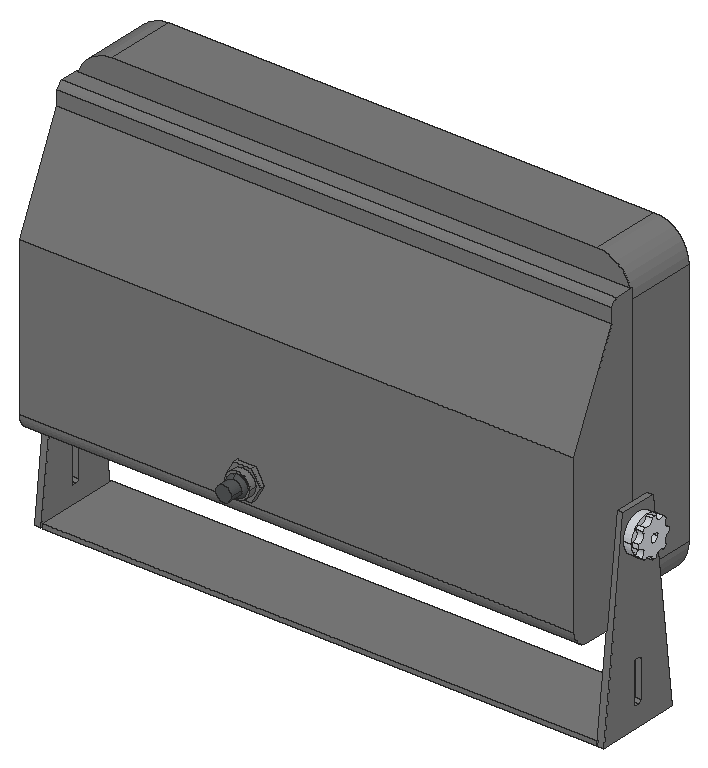
Revit family "WALL WASHER PRO_LV363WW.60", category Luminarias, Revit 2019
Family settings
  Cota de conector redondo = Diámetro de uso
  Tipo de pieza = Normal
  Se basa en plano de trabajo = Sí
  Siempre vertical = No
  Corte con vacíos al cargar = No
  Origen de luz = Sí
  Compartido = No
  Punto de cálculo de habitación = No
Parameters (values of type "REFL_LV363WW.60")
  Ángulo de inclinación = 30.00°
  Zone [instance] = ""
  Watt per fixture = 108
  Wattage = 108 W
  built-in parameter 1150107 = 3000 (stored number, unit not read)
  built-in parameter 1150110 = 1 (stored number, unit not read)
  built-in parameter 1150109 = 1 (stored number, unit not read)
  built-in parameter 1150112 = 1 (stored number, unit not read)
  built-in parameter 1150113 = 1 (stored number, unit not read)
  built-in parameter 1114218 = 1 (stored number, unit not read)
  Keynote = ""
  built-in parameter 1150142 = "IESNA:LM-63-2002\r\n[TEST] \r\n[TESTLAB] EVERFINE\r\n[TESTDATE] 2013-11-15\r\n[ISSUEDATE] 2013-11-15 14:04:48\r\n[NEARFIELD] \r\n[LAMPPOSITION] 0,0\r\n[OTHER] EVERFINE GO-2000A_V1 SYSTEM\r\n[MANUFAC] BRILLIANT\r\n[LUMINAIRE] BW-363 WW D60 È«ÁÁ\r\nTILT=NONE\r\n1 3980.8 1 91 181 2 2 0.000 0.000 0.000\r\n1.000 1 101.6\r\n-90.0  -88.0  -86.0  -84.0  -82.0  -80.0  -78.0  -76.0  -74.0  -72.0  \r\n -70.0  -68.0  -66.0  -64.0  -62.0  -60.0  -58.0  -56.0  -54.0  -52.0  \r\n -50.0  -48.0  -46.0  -44.0  -42.0  -40.0  -38.0  -36.0  -34.0  -32.0  \r\n -30.0  -28.0  -26.0  -24.0  -22.0  -20.0  -18.0  -16.0  -14.0  -12.0  \r\n -10.0  -8.0   -6.0   -4.0   -2.0   0.0    2.0    4.0    6.0    8.0    \r\n 10.0   12.0   14.0   16.0   18.0   20.0   22.0   24.0   26.0   28.0   \r\n 30.0   32.0   34.0   36.0   38.0   40.0   42.0   44.0   46.0   48.0   \r\n 50.0   52.0   54.0   56.0   58.0   60.0   62.0   64.0   66.0   68.0   \r\n 70.0   72.0   74.0   76.0   78.0   80.0   82.0   84.0   86.0   88.0   \r\n 90.0   \r\n-90.0  -89.0  -88.0  -87.0  -86.0  -85.0  -84.0  -83.0  -82.0  -81.0  \r\n -80.0  -79.0  -78.0  -77.0  -76.0  -75.0  -74.0  -73.0  -72.0  -71.0  \r\n -70.0  -69.0  -68.0  -67.0  -66.0  -65.0  -64.0  -63.0  -62.0  -61.0  \r\n -60.0  -59.0  -58.0  -57.0  -56.0  -55.0  -54.0  -53.0  -52.0  -51.0  \r\n -50.0  -49.0  -48.0  -47.0  -46.0  -45.0  -44.0  -43.0  -42.0  -41.0  \r\n -40.0  -39.0  -38.0  -37.0  -36.0  -35.0  -34.0  -33.0  -32.0  -31.0  \r\n -30.0  -29.0  -28.0  -27.0  -26.0  -25.0  -24.0  -23.0  -22.0  -21.0  \r\n -20.0  -19.0  -18.0  -17.0  -16.0  -15.0  -14.0  -13.0  -12.0  -11.0  \r\n -10.0  -9.0   -8.0   -7.0   -6.0   -5.0   -4.0   -3.0   -2.0   -1.0   \r\n 0.0    1.0    2.0    3.0    4.0    5.0    6.0    7.0    8.0    9.0    \r\n 10.0   11.0   12.0   13.0   14.0   15.0   16.0   17.0   18.0   19.0   \r\n 20.0   21.0   22.0   23.0   24.0   25.0   26.0   27.0   28.0   29.0   \r\n 30.0   31.0   32.0   33.0   34.0   35.0   36.0   37.0   38.0   39.0   \r\n 40.0   41.0   42.0   43.0   44.0   45.0   46.0   47.0   48.0   49.0   \r\n 50.0   51.0   52.0   53.0   54.0   55.0   56.0   57.0   58.0   59.0   \r\n 60.0   61.0   62.0   63.0   64.0   65.0   66.0   67.0   68.0   69.0   \r\n 70.0   71.0   72.0   73.0   74.0   75.0   76.0   77.0   78.0   79.0   \r\n 80.0   81.0   82.0   83.0   84.0   85.0   86.0   87.0   88.0   89.0   \r\n 90.0   \r\n5.18     5.27     5.36     5.45     5.54     5.63     5.72     5.81     5.87     5.90     \r\n 5.93     5.96     5.99     6.02     6.05     6.08     6.11     6.14     6.17     6.20     \r\n 6.23     6.18     6.14     6.12     6.13     6.14     6.14     6.15     6.16     6.17     \r\n 6.18     6.34     6.50     6.65     6.81     6.97     7.13     7.29     7.43     7.55     \r\n 7.68     7.71     7.75     7.74     7.69     7.64     7.50     7.35     7.17     6.94     \r\n 6.71     6.43     6.15     5.86     5.57     5.28     4.99     4.70     4.41     4.12     \r\n 3.83     3.69     3.56     3.43     3.29     3.16     3.02     2.89     2.81     2.79     \r\n 2.76     2.87     2.97     3.08     3.19     3.30     3.40     3.51     3.62     3.72     \r\n 3.83     3.94     4.04     4.15     4.26     4.38     4.49     4.60     4.71     4.83     \r\n 4.94     \r\n5.13     5.24     5.35     5.46     5.57     5.68     5.79     5.90     5.96     5.99     \r\n 6.02     6.04     6.07     6.10     6.12     6.15     6.18     6.20     6.23     6.26     \r\n 6.28     6.23     6.17     6.13     6.13     6.12     6.11     6.10     6.09     6.08     \r\n 6.07     6.21     6.34     6.48     6.61     6.74     6.88     7.01     7.13     7.25     \r\n 7.36     7.40     7.45     7.44     7.39     7.34     7.20     7.05     6.87     6.67     \r\n 6.46     6.18     5.90     5.63     5.35     5.08     4.80     4.53     4.25     3.98     \r\n 3.70     3.58     3.46     3.34     3.21     3.09     2.97     2.85     2.77     2.75     \r\n 2.73     2.84     2.95     3.06     3.17     3.28     3.39     3.50     3.61     3.72     \r\n 3.83     3.95     4.06     4.17     4.28     4.39     4.50     4.60     4.71     4.82     \r\n 4.93     \r\n5.13     5.25     5.38     5.50     5.62     5.75     5.87     5.99     6.06     6.09     \r\n 6.11     6.13     6.15     6.17     6.20     6.22     6.24     6.26     6.28     6.31     \r\n 6.33     6.27     6.20     6.16     6.13     6.09     6.06     6.03     6.00     5.97     \r\n 5.94     6.05     6.17     6.29     6.41     6.52     6.64     6.76     6.87     6.97     \r\n 7.08     7.11     7.14     7.13     7.09     7.05     6.91     6.77     6.60     6.40     \r\n 6.21     5.94     5.67     5.41     5.15     4.90     4.64     4.38     4.12     3.86     \r\n 3.61     3.49     3.38     3.27     3.16     3.05     2.93     2.82     2.76     2.75     \r\n 2.73     2.84     2.96     3.07     3.18     3.29     3.40     3.51     3.62     3.74     \r\n 3.85     3.96     4.07     4.18     4.29     4.39     4.50     4.61     4.72     4.82     \r\n 4.93     \r\n5.11     5.24     5.38     5.51     5.65     5.79     5.92     6.06     6.14     6.16     \r\n 6.18     6.20     6.22     6.25     6.27     6.29     6.31     6.33     6.36     6.38     \r\n 6.40     6.33     6.26     6.20     6.15     6.10     6.04     5.99     5.94     5.89     \r\n 5.84     5.93     6.03     6.12     6.22     6.31     6.41     6.50     6.60     6.70     \r\n 6.80     6.82     6.85     6.84     6.81     6.77     6.64     6.51     6.34     6.15     \r\n 5.95     5.70     5.46     5.22     4.97     4.73     4.49     4.25     4.00     3.76     \r\n 3.52     3.42     3.31     3.21     3.11     3.00     2.90     2.80     2.74     2.74     \r\n 2.73     2.84     2.95     3.06     3.18     3.29     3.40     3.51     3.63     3.74     \r\n 3.85     3.96     4.07     4.18     4.29     4.40     4.51     4.61     4.72     4.83     \r\n 4.93     \r\n5.13     5.27     5.42     5.56     5.70     5.85     5.99     6.13     6.21     6.24     \r\n 6.26     6.29     6.31     6.34     6.36     6.39     6.41     6.44     6.46     6.49     \r\n 6.52     6.44     6.36     6.28     6.21     6.14     6.07     6.00     5.93     5.85     \r\n 5.78     5.85     5.93     6.00     6.07     6.14     6.21     6.28     6.36     6.44     \r\n 6.52     6.55     6.59     6.58     6.53     6.47     6.35     6.24     6.10     5.93     \r\n 5.76     5.51     5.27     5.04     4.82     4.59     4.37     4.15     3.92     3.70     \r\n 3.47     3.38     3.29     3.20     3.11     3.02     2.93     2.84     2.79     2.78     \r\n 2.77     2.88     2.99     3.10     3.21     3.32     3.43     3.54     3.64     3.75     \r\n 3.86     3.97     4.08     4.19     4.30     4.40     4.51     4.62     4.72     4.83     \r\n 4.93     \r\n5.18     5.32     5.47     5.62     5.77     5.91     6.06     6.21     6.30     6.33     \r\n 6.36     6.38     6.41     6.44     6.47     6.50     6.53     6.55     6.58     6.61     \r\n 6.64     6.56     6.48     6.40     6.32     6.23     6.15     6.06     5.98     5.89     \r\n 5.81     5.87     5.93     5.99     6.06     6.12     6.18     6.24     6.31     6.39     \r\n 6.46     6.49     6.52     6.52     6.48     6.43     6.32     6.20     6.05     5.87     \r\n 5.69     5.46     5.24     5.02     4.80     4.58     4.37     4.15     3.93     3.72     \r\n 3.50     3.41     3.33     3.25     3.16     3.08     2.99     2.91     2.87     2.86     \r\n 2.86     2.96     3.07     3.17     3.28     3.38     3.48     3.59     3.69     3.79     \r\n 3.90     4.00     4.10     4.20     4.31     4.41     4.51     4.61     4.71     4.81     \r\n 4.92     \r\n5.23     5.38     5.54     5.69     5.85     6.00     6.16     6.31     6.41     6.44     \r\n 6.47     6.50     6.54     6.57     6.60     6.63     6.66     6.70     6.73     6.76     \r\n 6.79     6.72     6.65     6.57     6.47     6.38     6.29     6.19     6.10     6.01     \r\n 5.91     5.96     6.01     6.06     6.11     6.16     6.21     6.26     6.32     6.39     \r\n 6.46     6.48     6.50     6.49     6.45     6.42     6.30     6.17     6.03     5.86     \r\n 5.70     5.48     5.26     5.05     4.84     4.64     4.44     4.24     4.03     3.83     \r\n 3.63     3.54     3.45     3.37     3.28     3.19     3.11     3.02     2.97     2.96     \r\n 2.95     3.05     3.15     3.25     3.34     3.44     3.54     3.64     3.73     3.83     \r\n 3.93     4.03     4.12     4.22     4.32     4.42     4.52     4.62     4.72     4.82     \r\n 4.92     \r\n5.25     5.42     5.58     5.75     5.91     6.08     6.24     6.41     6.51     6.55     \r\n 6.59     6.62     6.66     6.70     6.74     6.78     6.81     6.85     6.89     6.93     \r\n 6.97     6.89     6.81     6.71     6.60     6.49     6.38     6.27     6.16     6.06     \r\n 5.95     5.98     6.01     6.03     6.06     6.09     6.12     6.15     6.20     6.26     \r\n 6.33     6.34     6.36     6.35     6.32     6.28     6.17     6.06     5.92     5.75     \r\n 5.58     5.38     5.19     4.99     4.80     4.61     4.42     4.23     4.04     3.85     \r\n 3.66     3.58     3.51     3.43     3.35     3.27     3.19     3.11     3.07     3.07     \r\n 3.06     3.15     3.24     3.33     3.42     3.52     3.61     3.70     3.79     3.88     \r\n 3.97     4.06     4.15     4.24     4.34     4.44     4.54     4.64     4.74     4.84     \r\n 4.94     \r\n5.30     5.47     5.65     5.82     6.00     6.17     6.35     6.52     6.63     6.67     \r\n 6.71     6.75     6.79     6.83     6.87     6.90     6.94     6.98     7.02     7.06     \r\n 7.10     7.01     6.92     6.81     6.69     6.57     6.45     6.33     6.21     6.09     \r\n 5.97     5.99     6.01     6.03     6.05     6.06     6.08     6.10     6.14     6.19     \r\n 6.25     6.27     6.29     6.29     6.26     6.23     6.11     5.99     5.85     5.70     \r\n 5.56     5.35     5.14     4.95     4.77     4.59     4.41     4.23     4.05     3.87     \r\n 3.69     3.63     3.56     3.50     3.43     3.37     3.30     3.24     3.19     3.17     \r\n 3.15     3.23     3.32     3.41     3.49     3.58     3.66     3.75     3.84     3.92     \r\n 4.01     4.10     4.18     4.27     4.37     4.46     4.55     4.64     4.74     4.83     \r\n 4.92     \r\n5.33     5.51     5.68     5.86     6.03     6.21     6.39     6.56     6.67     6.72     \r\n 6.77     6.81     6.86     6.91     6.95     7.00     7.05     7.09     7.14     7.19     \r\n 7.23     7.14     7.04     6.93     6.81     6.69     6.56     6.44     6.31     6.19     \r\n 6.07     6.09     6.11     6.14     6.16     6.18     6.21     6.23     6.27     6.32     \r\n 6.37     6.39     6.41     6.40     6.37     6.34     6.23     6.11     5.98     5.81     \r\n 5.64     5.44     5.24     5.04     4.86     4.68     4.50     4.31     4.13     3.95     \r\n 3.77     3.70     3.64     3.58     3.52     3.45     3.39     3.33     3.29     3.27     \r\n 3.25     3.33     3.42     3.50     3.58     3.66     3.74     3.82     3.91     3.99     \r\n 4.07     4.15     4.23     4.32     4.41     4.49     4.58     4.67     4.76     4.84     \r\n 4.93     \r\n5.35     5.53     5.72     5.91     6.09     6.28     6.46     6.65     6.77     6.82     \r\n 6.87     6.92     6.97     7.02     7.07     7.12     7.17     7.22     7.28     7.33     \r\n 7.38     7.29     7.20     7.09     6.97     6.85     6.74     6.62     6.50     6.38     \r\n 6.26     6.28     6.31     6.34     6.36     6.39     6.42     6.44     6.48     6.53     \r\n 6.57     6.60     6.63     6.63     6.59     6.55     6.45     6.35     6.21     6.05     \r\n 5.89     5.68     5.48     5.28     5.09     4.90     4.71     4.52     4.34     4.15     \r\n 3.96     3.88     3.81     3.74     3.66     3.59     3.51     3.44     3.40     3.38     \r\n 3.37     3.45     3.52     3.60     3.68     3.75     3.83     3.91     3.98     4.06     \r\n 4.14     4.21     4.29     4.37     4.45     4.53     4.61     4.69     4.77     4.85     \r\n 4.93     \r\n5.34     5.53     5.73     5.93     6.12     6.32     6.51     6.71     6.83     6.89     \r\n 6.95     7.01     7.07     7.12     7.18     7.24     7.30     7.36     7.41     7.47     \r\n 7.53     7.45     7.37     7.27     7.17     7.07     6.96     6.86     6.75     6.65     \r\n 6.55     6.60     6.65     6.70     6.75     6.80     6.85     6.90     6.96     7.02     \r\n 7.08     7.11     7.13     7.13     7.08     7.04     6.93     6.82     6.68     6.52     \r\n 6.37     6.12     5.88     5.66     5.47     5.27     5.07     4.87     4.68     4.48     \r\n 4.28     4.18     4.08     3.98     3.87     3.77     3.67     3.57     3.51     3.50     \r\n 3.48     3.55     3.63     3.70     3.77     3.85     3.92     3.99     4.07     4.14     \r\n 4.21     4.29     4.36     4.43     4.50     4.57     4.64     4.71     4.78     4.85     \r\n 4.93     \r\n5.33     5.54     5.74     5.95     6.15     6.36     6.56     6.77     6.90     6.97     \r\n 7.03     7.10     7.17     7.23     7.30     7.37     7.43     7.50     7.57     7.63     \r\n 7.70     7.65     7.61     7.55     7.48     7.41     7.34     7.26     7.19     7.12     \r\n 7.05     7.12     7.18     7.25     7.31     7.38     7.44     7.51     7.57     7.64     \r\n 7.70     7.72     7.75     7.75     7.72     7.69     7.57     7.45     7.32     7.16     \r\n 7.00     6.75     6.51     6.27     6.05     5.82     5.60     5.37     5.14     4.92     \r\n 4.69     4.57     4.44     4.32     4.19     4.07     3.94     3.82     3.72     3.67     \r\n 3.61     3.68     3.74     3.81     3.88     3.94     4.01     4.07     4.14     4.20     \r\n 4.27     4.33     4.40     4.47     4.53     4.60     4.67     4.73     4.80     4.87     \r\n 4.93     \r\n5.31     5.53     5.74     5.96     6.18     6.39     6.61     6.83     6.98     7.05     \r\n 7.13     7.21     7.29     7.37     7.45     7.53     7.61     7.69     7.77     7.85     \r\n 7.93     7.91     7.88     7.86     7.83     7.80     7.77     7.74     7.71     7.68     \r\n 7.65     7.73     7.81     7.88     7.96     8.04     8.12     8.20     8.29     8.38     \r\n 8.47     8.51     8.56     8.56     8.52     8.48     8.35     8.23     8.06     7.86     \r\n 7.66     7.44     7.21     6.98     6.74     6.50     6.26     6.02     5.78     5.54     \r\n 5.31     5.14     4.97     4.80     4.63     4.46     4.29     4.12     3.99     3.89     \r\n 3.80     3.86     3.91     3.97     4.02     4.08     4.14     4.19     4.25     4.30     \r\n 4.36     4.42     4.47     4.53     4.59     4.65     4.70     4.76     4.82     4.88     \r\n 4.93     \r\n5.29     5.51     5.74     5.97     6.19     6.42     6.65     6.87     7.04     7.14     \r\n 7.24     7.34     7.44     7.53     7.63     7.73     7.83     7.93     8.03     8.13     \r\n 8.23     8.26     8.30     8.32     8.33     8.34     8.35     8.36     8.37     8.38     \r\n 8.39     8.52     8.66     8.79     8.92     9.06     9.19     9.32     9.43     9.50     \r\n 9.58     9.61     9.64     9.65     9.63     9.60     9.49     9.37     9.23     9.05     \r\n 8.87     8.59     8.32     8.03     7.74     7.45     7.16     6.87     6.58     6.29     \r\n 6.00     5.78     5.56     5.34     5.12     4.90     4.68     4.46     4.29     4.16     \r\n 4.02     4.06     4.10     4.15     4.19     4.23     4.27     4.31     4.35     4.39     \r\n 4.43     4.47     4.51     4.56     4.61     4.66     4.72     4.77     4.82     4.87     \r\n 4.93     \r\n5.30     5.53     5.77     6.00     6.23     6.46     6.70     6.93     7.11     7.23     \r\n 7.36     7.48     7.60     7.73     7.85     7.98     8.10     8.22     8.35     8.47     \r\n 8.60     8.70     8.81     8.90     8.98     9.06     9.13     9.21     9.29     9.37     \r\n 9.45     9.57     9.70     9.82     9.95     10.07    10.19    10.32    10.43    10.53    \r\n 10.64    10.67    10.70    10.70    10.67    10.64    10.52    10.41    10.26    10.06    \r\n 9.87     9.62     9.37     9.07     8.74     8.41     8.08     7.75     7.42     7.09     \r\n 6.76     6.50     6.24     5.98     5.72     5.45     5.19     4.93     4.71     4.52     \r\n 4.33     4.35     4.37     4.39     4.41     4.43     4.45     4.47     4.48     4.50     \r\n 4.52     4.54     4.56     4.59     4.64     4.69     4.74     4.79     4.83     4.88     \r\n 4.93     \r\n5.29     5.54     5.78     6.02     6.27     6.51     6.76     7.00     7.20     7.35
